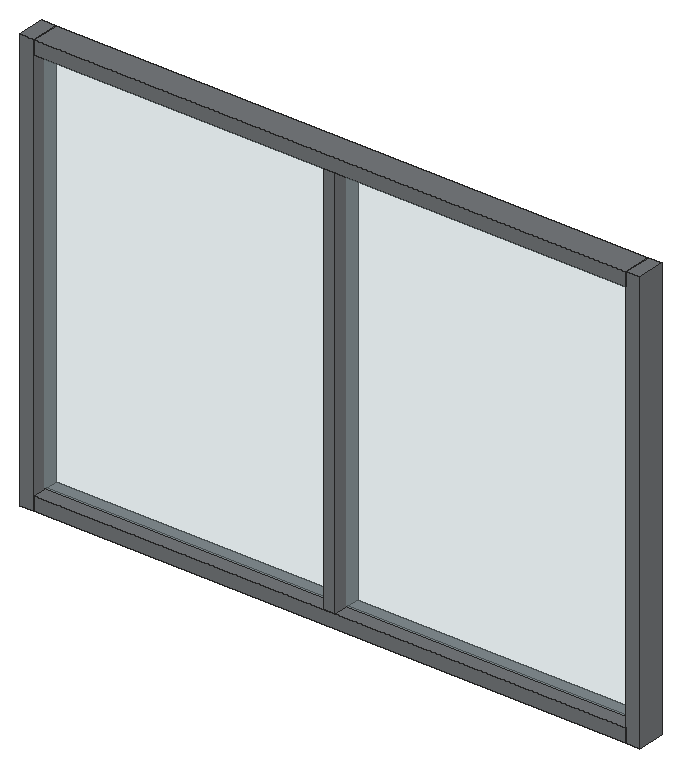
Revit family "LC W11 - A11", category Windows, host Wall, Revit 2027
Family settings
  Host = Wall
  Always vertical = Yes
  Cut with Voids When Loaded = No
  Shared = No
  Room Calculation Point = No
Parameters (values of type "A11 nominal size")
  Height = 1520 mm  # constant formula
  Description = "A07/A08 position, A11 overall sizes. Frame50x100 and glazing6mm are visual coordination profiles; manufacturer sections/glazing specification pending. Panel divisions follow schedule appearance, undimensioned divisions provisional."
  Default Sill Height = 0 mm
  Wall Closure = By host
  Width = 2230 mm  # constant formula
Reference planes
  plane 1 "Center (Front/Back)": y = 0
  plane 2 "Center (Left/Right)": x = 0
  plane 3 "Left": x = -1115
  plane 4 "Right": x = 1115
  plane 5 "Sill": z = 0
  plane 6 "Head": z = 1520
  plane 7 "Exterior": y = 100
  plane 8 "Interior": y = -100
Forms (mm)
  Extrusion 1, solid, material "LC Aluminium - charcoal coordination"
    sketch origin (0, 0, 0) x (1, 0, 0) y (0, 1, 0)
      loop
        line (-1115, -50) -> (-1065, -50) -> (-1065, 50) -> (-1115, 50) -> (-1115, -50)
    from 0 to 1520
  Extrusion 2, solid, material "LC Aluminium - charcoal coordination"
    sketch origin (0, 0, 0) x (1, 0, 0) y (0, 1, 0)
      loop
        line (1065, -50) -> (1115, -50) -> (1115, 50) -> (1065, 50) -> (1065, -50)
    from 0 to 1520
  Extrusion 3, solid, material "LC Aluminium - charcoal coordination"
    sketch origin (0, 0, 0) x (1, 0, 0) y (0, 1, 0)
      loop
        line (-1065, -50) -> (1065, -50) -> (1065, 50) -> (-1065, 50) -> (-1065, -50)
    from 1470 to 1520
  Extrusion 4, solid, material "LC Aluminium - charcoal coordination"
    sketch origin (0, 0, 0) x (1, 0, 0) y (0, 1, 0)
      loop
        line (-1065, -50) -> (1065, -50) -> (1065, 50) -> (-1065, 50) -> (-1065, -50)
    from 0 to 50
  Extrusion 5, solid, material "LC Aluminium - charcoal coordination"
    sketch origin (0, 0, 0) x (1, 0, 0) y (0, 1, 0)
      loop
        line (-20, -50) -> (20, -50) -> (20, 50) -> (-20, 50) -> (-20, -50)
    from 50 to 1470
  Extrusion 6, solid, material "LC Glazing - specification pending"
    sketch origin (0, 0, 0) x (1, 0, 0) y (0, 1, 0)
      loop
        line (-1065, -3) -> (0, -3) -> (0, 3) -> (-1065, 3) -> (-1065, -3)
    from 50 to 1470
  Extrusion 7, solid, material "LC Glazing - specification pending"
    sketch origin (0, 0, 0) x (1, 0, 0) y (0, 1, 0)
      loop
        line (0, -3) -> (1065, -3) -> (1065, 3) -> (0, 3) -> (0, -3)
    from 50 to 1470
Lines and regions (mm)
  Opening 1
    outline origin (3500, -100, 0) x (1, 0, 0) y (0, 0, 1)
      loop
        line (-2385, 0) -> (-2385, 1520) -> (-4615, 1520) -> (-4615, 0) -> (-2385, 0)
Text (mm)
  text "Exterior" at (-1963.203, 1332.353, 0), in view "Ref. Level"
  text "Interior" at (-1981.466, -818.386, 0), in view "Ref. Level"
  text "Exterior" at (0, 923.751, 2943.296), in view "Right"
  text "Exterior" at (0, 1040.484, 2685.409), in view "Left"
Dimensions and locks
  equal spacing: plane 3 "Left", plane 2 "Center (Left/Right)", plane 4 "Right"
  "Width": plane 3 "Left" to plane 4 "Right"
  "Height": plane 5 "Sill" to plane 6 "Head"
  "Default Sill Height": plane 5 "Sill" to level
  locked: plane 7 "Exterior" to host wall
  locked: plane 8 "Interior" to host wall
Automatic sketch dimensions
  Opening 1 sketch curve to plane 3 "Left" = 0 mm
  Opening 1 sketch curve to plane 4 "Right" = 0 mm
  Opening 1 sketch curve to plane 5 "Sill" = 0 mm
  Opening 1 sketch curve to plane 6 "Head" = 0 mm
  Extrusion 1 sketch curve to plane 3 "Left" = 0 mm
  Extrusion 1 sketch curve to Extrusion 1 sketch curve = 50 mm
  host wall to Extrusion 1 sketch curve = 50 mm
  Extrusion 1 sketch curve to host wall = 50 mm
  Extrusion 2 sketch curve to plane 4 "Right" = 0 mm
  plane 4 "Right" to Extrusion 2 sketch curve = 50 mm
  host wall to Extrusion 2 sketch curve = 50 mm
  Extrusion 2 sketch curve to host wall = 50 mm
  Extrusion 3 sketch curve to plane 3 "Left" = 50 mm
  plane 4 "Right" to Extrusion 3 sketch curve = 50 mm
  host wall to Extrusion 3 sketch curve = 50 mm
  Extrusion 3 sketch curve to host wall = 50 mm
  Extrusion 4 sketch curve to plane 3 "Left" = 50 mm
  plane 4 "Right" to Extrusion 4 sketch curve = 50 mm
  host wall to Extrusion 4 sketch curve = 50 mm
  Extrusion 4 sketch curve to host wall = 50 mm
  plane 2 "Center (Left/Right)" to Extrusion 5 sketch curve = 20 mm
  Extrusion 5 sketch curve to plane 2 "Center (Left/Right)" = 20 mm
  host wall to Extrusion 5 sketch curve = 50 mm
  Extrusion 5 sketch curve to host wall = 50 mm
  Extrusion 6 sketch curve to plane 2 "Center (Left/Right)" = 0 mm
  host wall to Extrusion 6 sketch curve = 3 mm
  Extrusion 6 sketch curve to plane 3 "Left" = 50 mm
  Extrusion 6 sketch curve to host wall = 3 mm
  Extrusion 7 sketch curve to plane 2 "Center (Left/Right)" = 0 mm
  Extrusion 7 sketch curve to host wall = 3 mm
  plane 4 "Right" to Extrusion 7 sketch curve = 50 mm
  host wall to Extrusion 7 sketch curve = 3 mm
